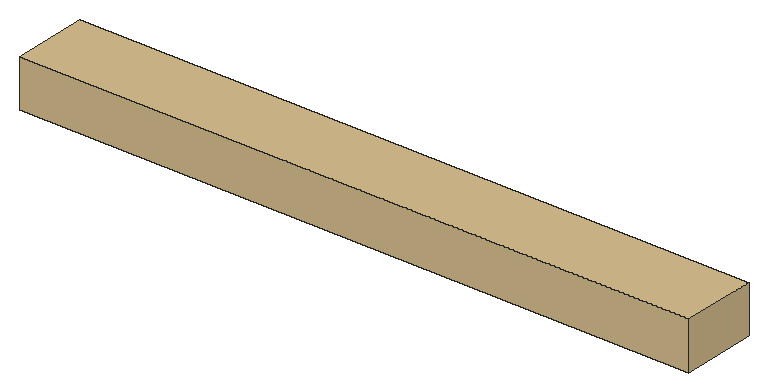
Revit family "Techlam Standard Beam-135mm", category Structural Framing, Revit 2016
Family settings
  Structural Framing Length Roundoff = 1 mm
  Section Shape = Not Defined
  Material for Model Behavior = Wood
  Always export as geometry = No
  Always vertical = Yes
  Cut with Voids When Loaded = No
  Symbolic Representation = From Project Settings
  Shared = No
  Show family pre-cut in plan views = Yes
Parameters (values of type "88 x 135")
  Structural Material [instance] = Wood - Dimensional Lumber
  Length [instance] = 1524 mm
  b = 135 mm
  d = 88 mm
  Angle [instance] = 0.00°
Types (22, lengths in mm): name | d
  (no name) | 88
  88 x 135 | 88
  135 x 135 | 135
  140 x 135 | 140
  180 x 135 | 180
  190 x 135 | 190
  225 x 135 | 225
  240 x 135 | 240
  270 x 135 | 270
  290 x 135 | 290
  315 x 135 | 315
  360 x 135 | 360
  405 x 135 | 405
  450 x 135 | 450
  495 x 135 | 495
  540 x 135 | 540
  585 x 135 | 585
  630 x 135 | 630
  675 x 135 | 675
  720 x 135 | 720
  765 x 135 | 765
  810 x 135 | 810
Reference planes
  plane 1 "Center (Front/Back)": y = 0
  plane 2: z = 0
  plane 3 "Center (Left/Right)": x = 4.61
  plane 4 "Member Left": x = -604.99
  plane 5 "Member Right": x = 614.21
  plane 6: y = 67.5
  plane 7: y = -67.5
  plane 8: z = 44
  plane 9: z = -44
  plane 10 "Left": x = -757.39
  plane 11 "Right": x = 766.61
Forms (mm)
  Sweep 1, solid, material "Wood - Dimensional Lumber" <- "Structural Material", detail levels medium+fine
    path origin (0, 0, 0) x (1, 0, 0) y (0, 1, 0)
      loop
        line (614.21, 0) -> (-604.99, 0)
    profile "M_Rectangular Wood Beam-Profile : M_Rectangular Wood Beam-Profile" origin (4.61, 0, 0) x (0, -1, 0) y (0, 0, 1)
      loop
        line (-67.5, -44) -> (67.5, -44) -> (67.5, 44) -> (-67.5, 44) -> (-67.5, -44)
Lines and regions (mm)
  reference lines
    curve 1: line (4.61, 0, 0) -> (4.61, 0, 75)
  symbolic lines, style "Stick Symbols", detail levels coarse
    curve 2: line (4.61, 67.5, 44) -> (4.61, -67.5, 44)
    curve 3: line (4.61, -67.5, -44) -> (4.61, 67.5, -44)
    curve 4: line (4.61, -67.5, 44) -> (4.61, -67.5, -44)
    curve 5: line (4.61, 67.5, -44) -> (4.61, 67.5, 44)
Dimensions and locks
  "b": plane 6 to plane 7
  "d": plane 9 to plane 8
  equal spacing: plane 9, plane 2, plane 8
  equal spacing: plane 6, plane 1 "Center (Front/Back)", plane 7
  "Length": plane 10 "Left" to plane 11 "Right"
  "Angle": angle plane 1 "Center (Front/Back)" to curve 1
  aligned and locked: Sweep 1 sketch curve to plane 1 "Center (Front/Back)"
  aligned and locked: curve 2 to Sweep 1
  aligned and locked: curve 3 to Sweep 1
  aligned and locked: curve 4 to Sweep 1
  aligned and locked: curve 5 to Sweep 1
  aligned and locked: plane 4 "Member Left" to Sweep 1 sketch curve
  aligned and locked: plane 5 "Member Right" to Sweep 1 sketch curve
Automatic sketch dimensions
  curve 1 to plane 1 "Center (Front/Back)" = 0 mm
  curve 1 to level = 0 mm
